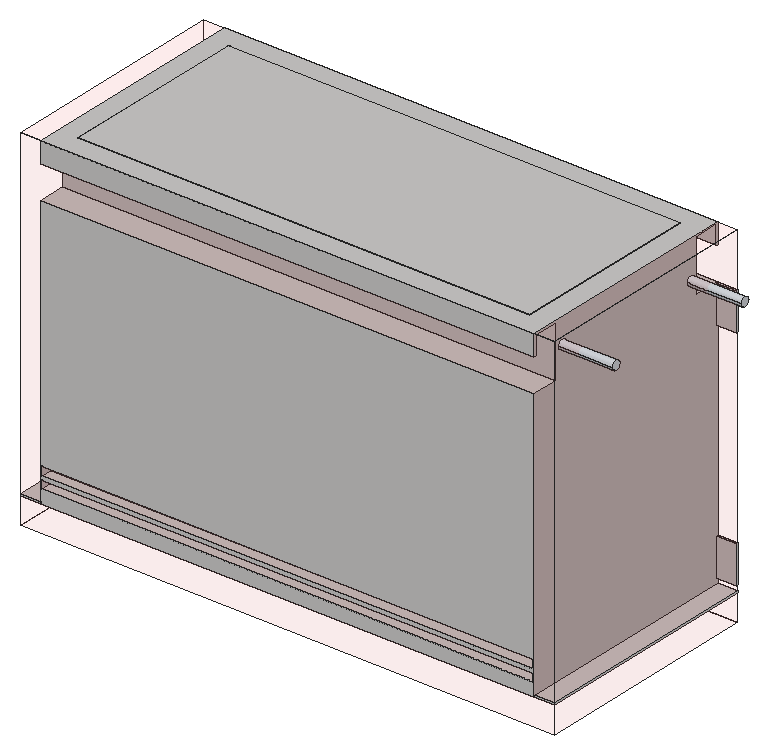
Revit family "Air-Curtain_Industrial_PoweredAire_HotWater", category Mechanical Equipment, host Face, Revit 2020
Family settings
  Host = Face
  Round Connector Dimension = Use Diameter
  Part Type = Normal
  OmniClass Number = 23.75.35.17.21
  OmniClass Title = Air Curtains
  Cut with Voids When Loaded = No
  Shared = No
  Room Calculation Point = No
Parameters
  upperrotation [instance] = if(Upper Pipe Connection Side A, 0.00°, 180.00°)  # 0.00°
  topbracket [instance] = and(Unit Height = 1' 4 3/4", Unit Depth = 1' 11 3/4")  # yes
  lowerrotation [instance] = if(Lower Pipe Connection Side A, 0.00°, 180.00°)  # 0.00°
  locateupperpipe [instance] = if(Upper Pipe Connection Side A, 0' 0", Nozzle Width)  # 0' - 0"
  locatelowerpipe [instance] = if(Lower Pipe Connection Side A, 0' 0", Nozzle Width)  # 0' - 0"
  Warranty Duration (Years) = 0
  Upper Pipe Connection Side A [instance] = yes
  Unit Width Notes = "Other Widths available."  # constant formula
  Unit Width = 3' - 3"
  Unit Weight = 0
  Unit Height = 1' - 4 3/4"
  Unit Depth = 1' - 11 3/4"
  URL = "http://www.poweredaire.com/"
  Test Data = ""
  Standards Conformance = "as Specified"
  Specification = "http://www.arcat.com/sdspecs/htm04/23_34_33pai.htm"
  SpecWizard = ""
  Sound Pressure = "as Specified"
  Sales Information = "http://www.poweredaire.com/contact_us"
  Revision = "R1_2016-08"
  Projection from Host [instance] = 0' - 2"
  Product Properties = ""
  Product Data = "http://www.arcat.com/arcatcos/cos47/arc47623.html"
  Power Rating = 0 W
  Piping_Water Flow [instance] = 0 GPM
  Piping_Operating Pressure [instance] = 0.00 psi
  Piping_Exit Temperature [instance] = 0 °F
  Piping_Entry Temperature [instance] = 0 °F
  Pipe OD [instance] = 5/8"
  Nozzle Width = if(1 = 1, Unit Width - 0' 3", 0' 0")  # 3' - 0"
  Mounting Width = if(1 = 1, Unit Width - 0' 1 1/2", 0' 0")  # 3' - 1 1/2"
  Mounting Height [instance] = 3' - 6"
  Motor RPM = 0
  Motor HP = 0
  Motor Count = 0
  Model = "As Specified"
  Max Height = 0' - 0"
  Manufacturer Website = "http://www.poweredaire.com/"
  Manufacturer Phone - Toll Free = "888-321-2473"
  Manufacturer Phone = "724-588-3305"
  Manufacturer Fax = "724-588-3371"
  Manufacturer Address = "109 Mortensen Rd.  Greenville, PA 16125"
  Manufacturer = "Powered Aire, Inc"
  Maintenance Schedule (Months) = 0
  Lower Pipe Connection Side A [instance] = yes
  Keynote = "23 34 33"
  Installation-Fabrication = ""
  Installation Phase = ""
  Include Clearance [instance] = yes
  Heating Element Load = 0 W
  HVAC_Temperature Rise = 0 °F
  HVAC_Outlet Volume = 0 CFM
  HVAC_Outlet Velocity Uniformity = 0
  HVAC_Outlet Velocity = 0 FPM
  HVAC_BTU Input = 0.0 Btu/h
  Green Building-LEED = "http://www.arcat.com/green/clients/leed_data_47623.html"
  Front Grating Material [instance] = Metal - Steel - PoweredAire - Stainless 304 Perforated
  Frame Finish [instance] = Metal - Steel - PoweredAire - Stainless 304
  Expected Lifespan (Years) = 0
  Electrical_Wattage [instance] = Power Rating + Heating Element Load  # 0 W
  Electrical_Voltage [instance] = 0 V
  Electrical_Phase [instance] = 1
  Electrical_Frequency [instance] = 0 Hz
  Electrical_Amperage [instance] = 0 A
  Drawn By = "Sumex Design, Inc. / Robert S. Weygant, CSI, CDT, SCIP"
  Description = "Powered Aire Air Curtain as Specified"
  Default Elevation = 0' - 0"  # constant formula
  Copyright = "©Arcat Inc."
  Construction Details = "http://www.arcat.com/details/powair/prod3336.html"
  Clearance_Top [instance] = 0' - 0"
  Clearance_Side B [instance] = 0' - 0"
  Clearance_Side A [instance] = 0' - 0"
  Clearance_Intake [instance] = 0' - 0"
  Clearance_Bottom [instance] = 0' - 0"
  Clearance Material [instance] = ARCAT Clearance
  Building Codes = ""
  Available Options [instance] = "as Specified"
  Assembly Code = "D3090400"
Reference planes (in)
  plane 1 "Center (Elevation)": y = 0.13818
  plane 2: z = 0
  plane 3 "Center (Left/Right)": x = 0
  plane 4: y = 8.51318
  plane 5: y = -8.23682
  plane 6: x = -19.5
  plane 7: x = 19.5
  plane 8: z = 25.75
  plane 9 "FF": y = -41.86182
  plane 10: z = 2
  plane 11: x = 18
  plane 12: x = -18
  plane 13: y = 8.51318
  plane 14: y = -8.23682
  plane 15: x = -19.5
  plane 16: x = 19.5
  plane 17: z = 25.75
  plane 18: x = 17.9375
  plane 19: x = -17.9375
  plane 20: x = 18
  plane 21: x = 18
  plane 22: y = 6.01318
  plane 23: y = -5.73682
Forms (in)
  Extrusion 1, solid, material "Metal - Steel - PoweredAire - Stainless 304" <- "Frame Finish"
    sketch origin (0, 0, 0) x (0, 1, 0) y (0, 0, 1)
      loop
        line (-8.23682, 2) -> (8.51318, 2) -> (8.51318, 21.8125) -> (6.51318, 21.8125) -> (6.51318, 25.625) -> (8.38818, 25.625) -> (8.38818, 24.25) -> (8.51318, 24.25) -> (8.51318, 25.75) -> (-8.23682, 25.75) -> (-8.23682, 24.25) -> (-8.11182, 24.25) -> (-8.11182, 25.625) -> (-6.23682, 25.625) -> (-6.23682, 21.8125) -> (-8.23682, 21.8125) -> (-8.23682, 2)
    from -18 to 18
  Extrusion 2, solid, material "ARCAT Clearance" <- "Clearance Material", visible <- "Include Clearance"
    sketch origin (0, 0, 0) x (0, 1, 0) y (0, 0, 1)
      loop
        line (-8.23682, 25.75) -> (-8.23682, 0) -> (8.51318, 0) -> (8.51318, 25.75) -> (-8.23682, 25.75)
    from -19.5 to 19.5
  Extrusion 3, solid, material "Metal - Steel - PoweredAire - Stainless 304" <- "Frame Finish"
    sketch origin (-15.17702, -180, 2) x (-1, 0, 0) y (0, -1, 0)
      loop
        line (-33.17702, -188.51318) -> (-33.17702, -171.76318) -> (-34.67702, -171.76318) -> (-34.67702, -188.51318) -> (-33.17702, -188.51318)
      loop
        line (2.82298, -188.51318) -> (4.32298, -188.51318) -> (4.32298, -171.76318) -> (2.82298, -171.76318) -> (2.82298, -188.51318)
    from 0 to 0.125
  Extrusion 4, solid, material "Metal - Steel - PoweredAire - Stainless 304" <- "Frame Finish", visible <- "topbracket"
    sketch origin (-11.83813, 8.51318, 48) x (-1, 0, 0) y (0, 0, 1)
      loop
        line (-29.83813, -45.5) -> (-29.83813, -42.75) -> (-31.33813, -42.75) -> (-31.33813, -45.5) -> (-29.83813, -45.5)
      loop
        line (-29.83813, -28.9375) -> (-29.83813, -26.1875) -> (-31.33813, -26.1875) -> (-31.33813, -28.9375) -> (-29.83813, -28.9375)
      loop
        line (6.16187, -45.5) -> (7.66187, -45.5) -> (7.66187, -42.75) -> (6.16187, -42.75) -> (6.16187, -45.5)
      loop
        line (6.16187, -28.9375) -> (7.66187, -28.9375) -> (7.66187, -26.1875) -> (6.16187, -26.1875) -> (6.16187, -28.9375)
    from 0 to -0.125
  Extrusion 5, void
    sketch origin (0, 0, 0) x (0, 1, 0) y (0, 0, 1)
      loop
        line (-8.23682, 3) -> (-7.23682, 3) -> (-7.23682, 4.5) -> (-8.23682, 4.5) -> (-8.23682, 3.82425) -> (-7.38364, 3.82425) -> (-7.38364, 3.57425) -> (-8.23682, 3.57425) -> (-8.23682, 3)
    from -17.9375 to 17.9375
  Extrusion 6, solid, material "Metal - Steel - PoweredAire - Stainless 304 Perforated" <- "Front Grating Material"
    sketch origin (0, -8.23682, 25.75) x (0, 1, 0) y (-1, 0, 0)
      loop
        line (15.25, 16.5) -> (1.5, 16.5) -> (1.5, -16.5) -> (15.25, -16.5) -> (15.25, 16.5)
    from 0 to 0.03125
  Sweep 7, solid
    path origin (18, 6.01318, 0) x (1, 0, 0) y (0, 1, 0)
      loop
        line (0, 0) -> (4, 0)
    profile origin (20, 6.01318, 0) x (0, 1, 0) y (0, 0, 1)
      loop
        circle (0, 23) r 0.3125
  Sweep 8, solid
    path origin (18, -5.73682, 0) x (1, 0, 0) y (0, 1, 0)
      loop
        line (0, 0) -> (4, 0)
    profile origin (20, -5.73682, 0) x (0, 1, 0) y (0, 0, 1)
      loop
        circle (0, 24) r 0.3125
Cuts and joins
  Extrusion 5 cuts Extrusion 1
Lines and regions (in)
  reference lines
    curve 1: line (18, 6.01318, 0) -> (22.75, 6.01318, 0)
    curve 2: line (18, -5.73682, 0) -> (23.75, -5.73682, 0)
Dimensions and locks (in)
  equal spacing: plane 4, plane 1 "Center (Elevation)", plane 5
  "Unit Height": plane 4 to plane 5
  equal spacing: plane 6, plane 3 "Center (Left/Right)", plane 7
  "Unit Width": plane 6 to plane 7
  "Mounting Height": plane 1 "Center (Elevation)" to plane 9 "FF"
  "Projection from Host": plane 10 to level
  "Unit Depth": plane 8 to plane 10
  locked: plane 6 to plane 12 at 1.5
  locked: plane 11 to plane 7 at 1.5
  "Clearance_Side A": plane 7 to plane 16
  "Clearance_Side B": plane 15 to plane 6
  "Clearance_Top": plane 13 to plane 4
  "Clearance_Bottom": plane 5 to plane 14
  "Clearance_Intake": plane 17 to plane 8
  plane 5 to Extrusion 1 sketch curve to Extrusion 1 sketch curve = 0' - 0 1/8" locked, 0' - 1 7/8" locked
  Extrusion 1 sketch curve to Extrusion 1 sketch curve to plane 4 = 0' - 1 7/8" locked, 0' - 0 1/8" locked
  Extrusion 4 sketch curve to Extrusion 4 sketch curve to Extrusion 4 sketch curve to Extrusion 4 sketch curve to plane 10 = 0' - 2 3/4" locked, 1' - 1 13/16" locked, 0' - 2 3/4" locked, 0' - 0 1/2" locked
  Extrusion 4 sketch curve to Extrusion 4 sketch curve to Extrusion 4 sketch curve to Extrusion 4 sketch curve = 0' - 2 3/4" locked, 1' - 1 13/16" locked, 0' - 2 3/4" locked
  locked: Extrusion 4 sketch curve to plane 10 at 0.5
  plane 8 to Extrusion 1 sketch curve to Extrusion 1 sketch curve = 0' - 0 1/8" locked, 0' - 1 3/8" locked  (x2)
  locked: Extrusion 1 sketch curve to plane 10 at 19.8125  (x2)
  Extrusion 5 sketch curve to Extrusion 5 sketch curve to Extrusion 5 sketch curve to Extrusion 5 sketch curve to plane 10 = 0' - 0.67575" locked, 0' - 0 1/4" locked, 0' - 0.57425" locked, 0' - 1" locked
  plane 5 to Extrusion 5 sketch curve to Extrusion 5 sketch curve = 0' - 0.85319" locked, 0' - 0.14681" locked
  locked: plane 19 to plane 12 at 0.0625
  locked: plane 11 to plane 18 at 0.0625
  locked: plane 4 to Extrusion 6 sketch curve at 1.5
  locked: Extrusion 6 sketch curve to plane 5 at 1.5
  locked: Extrusion 6 sketch curve to plane 11 at 1.5
  locked: plane 12 to Extrusion 6 sketch curve at 1.5
  "locateupperpipe": plane 20 to plane 11
  "locatelowerpipe": plane 21 to plane 11
  locked: plane 4 to plane 22 at 2.5
  locked: plane 23 to plane 5 at 2.5
  locked: curve 1 to Sweep 7 sketch curve at 4
  locked: curve 1 to Sweep 7 sketch curve
  locked: Sweep 7 sketch curve to plane 10 at 21
  locked: curve 2 to Sweep 8 sketch curve at 4
  locked: curve 2 to Sweep 8 sketch curve
  locked: Sweep 8 sketch curve to plane 10 at 22
  "upperrotation": angle plane 22 to curve 1
  "lowerrotation": angle plane 23 to curve 2
  aligned and locked: plane 2 to host face
  aligned and locked: level to host face
  aligned and locked: Extrusion 2 sketch curve to plane 17
  aligned and locked: plane 14 to Extrusion 2 sketch curve
  aligned and locked: level to Extrusion 2 sketch curve
  aligned and locked: Extrusion 2 sketch curve to plane 13
  aligned and locked: plane 16 to Extrusion 2
  aligned and locked: Extrusion 2 to plane 15
  aligned and locked: plane 11 to Extrusion 1
  aligned and locked: Extrusion 1 to plane 12
  aligned and locked: plane 21 to curve 2
  aligned and locked: plane 23 to curve 2
  aligned and locked: plane 22 to curve 1
  aligned and locked: plane 20 to curve 1
Automatic sketch dimensions
  host sketch curve to host sketch curve = 8' - 0"  (x2)
  Extrusion 1 sketch curve to plane 5 = 0' - 0"  (x2)
  Extrusion 1 sketch curve to plane 4 = 0' - 0"  (x2)
  Extrusion 1 sketch curve to plane 10 = 0' - 0"
  Extrusion 1 sketch curve to plane 8 = 0' - 0"
  plane 4 to Extrusion 3 sketch curve = 0' - 0"
  Extrusion 3 sketch curve to plane 7 = 0' - 0"
  plane 5 to Extrusion 3 sketch curve = 0' - 0"
  Extrusion 3 sketch curve to plane 11 = 0' - 0"
  Extrusion 3 sketch curve to plane 4 = 0' - 0"
  Extrusion 3 sketch curve to plane 12 = 0' - 0"
  Extrusion 3 sketch curve to plane 6 = 0' - 0"
  Extrusion 3 sketch curve to plane 5 = 0' - 0"
  Extrusion 4 sketch curve to plane 7 = 0' - 0"  (x2)
  Extrusion 4 sketch curve to plane 11 = 0' - 0"  (x2)
  Extrusion 4 sketch curve to plane 12 = 0' - 0"  (x2)
  Extrusion 4 sketch curve to plane 6 = 0' - 0"  (x2)
  Extrusion 5 sketch curve to plane 5 = 0' - 0"  (x2)
  Sweep 7 sketch curve to profile plane = 0' - 0"
  Sweep 8 sketch curve to profile plane = 0' - 0"
  radius of Sweep 7 sketch curve = 0' - 0 5/16"
  radius of Sweep 8 sketch curve = 0' - 0 5/16"
Connectors (in)
  piping at (22, 6.01318, 23), diameter 0.625, driven by "Pipe OD", driven by "Piping_Water Flow"
    settings: on Sweep 7, index 1, connector inside diameter 24", connector length 0' - 0", flow factor 0, pipe flow 0 GPM, pressure drop 0.00 psi, fitting loss kfactor 0, connector angle 0.00°, fixture units 0, engagement length 0' - 0", angle of deflection 0.00°, flow configuration 0, flow direction 0, fitting loss method 0, system type 29, joint type 0, gender type 0, connector reference index -1, connector utility 0, adjustable connector no, is connector primary yes, connector description "Define Supply or Return and Location"
  piping at (22, -5.73682, 24), diameter 0.625, driven by "Pipe OD", driven by "Piping_Water Flow"
    settings: on Sweep 8, index 2, connector inside diameter 24", connector length 0' - 0", flow factor 0, pipe flow 0 GPM, pressure drop 0.00 psi, fitting loss kfactor 0, connector angle 0.00°, fixture units 0, engagement length 0' - 0", angle of deflection 0.00°, flow configuration 0, flow direction 0, fitting loss method 0, system type 29, joint type 0, gender type 0, connector reference index -1, connector utility 0, adjustable connector no, is connector primary no, connector description "Define Supply or Return and Location"
  electrical at (-18, 0.13818, 21.39062), driven by "Electrical_Voltage", driven by "Electrical_Phase"
    settings: on cut or joined group of Extrusion 1, Extrusion 5, index 3, voltage 0 V, apparent load 0 VA, apparent load phase1 0 VA, apparent load phase2 0 VA, apparent load phase3 0 VA, power factor 1, load classification "Motor", number of poles 1, system type 31, power factor state 1, is connector primary yes, connector utility no, sub classification motor no, connector description ""
